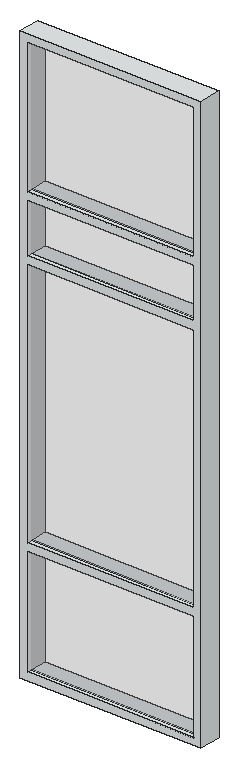
Revit family "Janela_Fachada_6Painel_Asim_Medio", category Windows, host Wall, Revit 2020
Family settings
  Host = Wall
  OmniClass Number = 23.30.20.00
  OmniClass Title = Windows
  Always vertical = Yes
  Cut with Voids When Loaded = No
  Shared = No
  Room Calculation Point = No
Parameters (values of type "JAN_FAC_6PA_MED_A")
  Material_Vidro = CT_Vidros
  Material_Painel_Inferior [instance] = CT_Vidros
  Material_Esquadria = CT_Esquadrias_Aluminio
  Height [instance] = 4.000 m
  Espess_Esquadria = 0.050 m
  Define Thermal Properties by = Schematic Type
  Default Sill Height = 0.800 m
  Wall Closure = By host
  Width [instance] = 1.250 m
  Analytic Construction = "<None>"
  Alt_Bandeira_Sup = 1.000 m
  Alt_Bandeira_Inf = 1.800 m
Reference planes (m)
  plane 1 "Center (Front/Back)": y = 0
  plane 2 "Center (Left/Right)": x = 0
  plane 3 "Right": x = 1.25
  plane 4 "Sill": z = 0.8
  plane 5 "Head": z = 4
  plane 6 "Exterior": y = -0.654861
  plane 7 "Interior": y = -0.754861
  plane 8: z = 3
  plane 9: z = 2.6
Forms (m)
  Extrusion 1, solid, material "CT_Esquadrias_Aluminio" <- "Material_Esquadria"
    sketch origin (0, -0.654861, 0) x (1, 0, 0) y (0, 0, 1)
      loop
        line (1.25, 4) -> (0, 4) -> (0, 0) -> (1.25, 0) -> (1.25, 4)
      loop
        line (0.05, 0.8) -> (0.05, 0.05) -> (1.2, 0.05) -> (1.2, 0.8) -> (0.05, 0.8)
      loop
        line (1.2, 3.95) -> (0.05, 3.95) -> (0.05, 3.025) -> (1.2, 3.025) -> (1.2, 3.95)
      loop
        line (0.05, 2.975) -> (0.05, 2.625) -> (1.2, 2.625) -> (1.2, 2.975) -> (0.05, 2.975)
      loop
        line (1.2, 0.85) -> (1.2, 2.575) -> (0.05, 2.575) -> (0.05, 0.85) -> (1.2, 0.85)
    from -0.05 to 0.1
  Extrusion 2, solid, material "CT_Vidros" <- "Material_Vidro"
    sketch origin (0, -0.654861, 0) x (1, 0, 0) y (0, 0, 1)
      loop
        line (1.2, 3.95) -> (0.05, 3.95) -> (0.05, 3.025) -> (1.2, 3.025) -> (1.2, 3.95)
      loop
        line (1.2, 2.975) -> (0.05, 2.975) -> (0.05, 2.625) -> (1.2, 2.625) -> (1.2, 2.975)
      loop
        line (1.2, 2.575) -> (0.05, 2.575) -> (0.05, 0.85) -> (1.2, 0.85) -> (1.2, 2.575)
    from 0.062444 to 0.074642
  Extrusion 3, solid, material "CT_Vidros" <- "Material_Vidro"
    sketch origin (0, -0.654861, 0) x (1, 0, 0) y (0, 0, 1)
      loop
        line (1.2, 0.8) -> (0.05, 0.8) -> (0.05, 0.05) -> (1.2, 0.05) -> (1.2, 0.8)
    from 0.062444 to 0.074642
Lines and regions (m)
  Opening 1
    outline origin (4.19, -0.754861, 0) x (1, 0, 0) y (0, 0, 1)
      loop
        line (-2.94, 0) -> (-2.94, 4) -> (-4.19, 4) -> (-4.19, 0) -> (-2.94, 0)
Text (m)
  text "EXTERIOR" at (-1.963203, 1.332353, 0), in view "Ref. Level"
  text "INTERIOR" at (-1.981466, -0.818386, 0), in view "Ref. Level"
  text "Exterior" at (0, 0.923751, 2.943296), in view "Right"
  text "Exterior" at (0, 1.040484, 2.685409), in view "Left"
Dimensions and locks (m)
  "Width": plane 2 "Center (Left/Right)" to plane 3 "Right"
  level to plane 5 "Head" = 4.000 m
  "Default Sill Height": plane 4 "Sill" to level
  locked: plane 6 "Exterior" to host wall
  locked: plane 7 "Interior" to host wall
  "Alt_Bandeira_Sup": plane 8 to plane 5 "Head"
  "Alt_Bandeira_Inf": plane 4 "Sill" to plane 9
  equal spacing: Extrusion 1 sketch curve, plane 8, Extrusion 1 sketch curve
  Extrusion 1 sketch curve to Extrusion 1 sketch curve = 0.050 m
  "Espess_Esquadria": Extrusion 1 sketch curve to Extrusion 1 sketch curve  (x5)
  equal spacing: Extrusion 1 sketch curve, plane 9, Extrusion 1 sketch curve
  locked: Extrusion 1 to Extrusion 2 at 0.025358
  locked: Extrusion 2 to Extrusion 2 at 0.012199
  "Height": plane 5 "Head" to level
  locked: Extrusion 1 to Extrusion 1 at 0.15
  "Espess_Esquadria": plane 2 "Center (Left/Right)" to Extrusion 3
  aligned and locked: plane 7 "Interior" to Extrusion 1
  aligned and locked: Extrusion 1 to plane 3 "Right"
  aligned and locked: Extrusion 1 sketch curve to Extrusion 1 sketch curve  (x2)
  aligned and locked: Extrusion 1 to Extrusion 2 sketch curve  (x5)
  aligned and locked: Extrusion 2 sketch curve to Extrusion 1  (x7)
  aligned and locked: Extrusion 3 sketch curve to Extrusion 1  (x4)
  aligned and locked: Extrusion 2 to Extrusion 3
  aligned and locked: Extrusion 3 to Extrusion 2
  aligned and locked: level to Opening 1 sketch curve
  aligned and locked: Opening 1 sketch curve to plane 3 "Right"
  aligned and locked: Extrusion 1 to Extrusion 1  (x3)
Automatic sketch dimensions
  plane 2 "Center (Left/Right)" to Opening 1 sketch curve = 0.000 m
  Opening 1 sketch curve to plane 5 "Head" = 0.000 m
  Extrusion 1 sketch curve to level = 0.000 m
  plane 2 "Center (Left/Right)" to Extrusion 1 sketch curve = 0.000 m
  Extrusion 1 sketch curve to plane 4 "Sill" = 0.000 m
  Extrusion 1 sketch curve to plane 3 "Right" = 0.000 m
  Extrusion 1 sketch curve to plane 5 "Head" = 0.000 m
  Extrusion 1 sketch curve to plane 2 "Center (Left/Right)" = 0.050 m  (x4)
  Extrusion 1 sketch curve to Extrusion 1 sketch curve = 0.050 m
  Extrusion 1 sketch curve to plane 9 = 0.025 m
